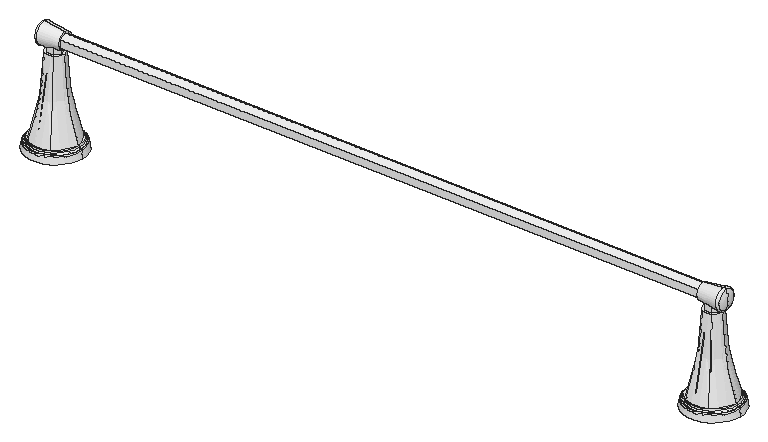
Revit family "Towel_Bar-DXV-Fitzgerald-D35160240_Series", category Specialty Equipment, host Face, Revit 2014
Parameters (values of type "D35160240.100")
  Width = 24"  # constant formula
  URL = "http://www.dxv.com"
  Type Comments = ""
  Product Page URL = "https://www.dxv.com/product/fitzgerald-24-inch-towel-bar"
  Product Documentation Link = "https://dxv01.blob.core.windows.net/dxv-product-pdf-files/spec_D35160240_DXV_Fitzgerald_24in_towelbar_EN.pdf"
  Price = "Prices may vary. Please consult Manufacturer Representative for most up-to-date price list."  # constant formula
  Model = "D35160240.100"
  Material = "Metal-DXV-100-Polished Chrome"
  Finish = Metal-DXV-100-Polished Chrome
  Manufacturer = "DXV"
  Length = 4"  # constant formula
  Installation Type = "Wall Mounted"
  Height = 2"  # constant formula
  Description = "Fitzgerald 24\" Towel Bar"
  Default Elevation = 40"  # constant formula
  Creation Date = "10/25/2018"  # constant formula
  Assembly Code = "E1090400"
Types (4): name | Model | Material | Finish
  (no name) | "D35160240.100" | "Metal-DXV-100-Polished Chrome" | Metal-DXV-100-Polished Chrome
  D35160240.100 | "D35160240.100" | "Metal-DXV-100-Polished Chrome" | Metal-DXV-100-Polished Chrome
  D35160240.144 | "D35160240.144" | "Metal-DXV-144-Brushed Nickel" | Metal-DXV-144-Brushed Nickel
  D35160240.150 | "D35160240.150" | "Metal-DXV-150-Platinum Nickel" | Metal-DXV-150-Platinum Nickel
Reference planes (in)
  plane 1 "Center (Front/Back)": y = 0
  plane 2: z = 0
  plane 3 "Center (Left/Right)": x = 0
  plane 4: y = 1
  plane 5: y = -1
  plane 6: z = 4
  plane 7: z = 3.625
  plane 8: x = -12
  plane 9: x = 12
  plane 10: x = 11
  plane 11: x = 13
  plane 12: x = -11
  plane 13: x = -13
Forms (in)
  Extrusion 1, solid, material "Metal-DXV-100-Polished Chrome" <- "Finish"
    sketch origin (0, 0, 0) x (0, 1, 0) y (0, 0, 1)
      loop
        line (0, 3.88981) -> (-0.22933, 3.75741) -> (-0.22933, 3.49259) -> (0, 3.36019) -> (0.22933, 3.49259) -> (0.22933, 3.75741) -> (0, 3.88981)
    from -11.64363 to 11.64363
  Revolve 2, solid, material "Metal-DXV-100-Polished Chrome" <- "Finish"
    sketch origin (3, 0, 0) x (1, 0, 0) y (0, 0, 1)
      loop
        line (9, 0) -> (10, 0) -> (9.95994, 0.2272)
        arc (9.95994, 0.2272) -> (9.95284, 0.24333) -> (9.9391, 0.25436) r 0.03707
        line (9.9391, 0.25436) -> (9.90162, 0.27183)
        arc (9.90162, 0.27183) -> (9.87732, 0.29134) -> (9.86477, 0.31986) r 0.06555
        line (9.86477, 0.31986) -> (9.85725, 0.36251) -> (9, 0.36251) -> (9, 0)
      axis (9, 0.36251) -> (9, 0)
    angle from 0 to 360
  Sweep 3, solid, material "Metal-DXV-100-Polished Chrome" <- "Finish"
    path origin (3, 0, 0) x (-1, 0, 0) y (0, 1, 0)
      loop
        arc (-9.84535, 0) -> (-9.68233, -0.39394) -> (-9.42267, -0.73209) r 1.62891
        arc (-9.42267, -0.73209) -> (-9, -0.78789) -> (-8.57733, -0.73209) r 1.62891
        arc (-8.57733, -0.73209) -> (-8.31767, -0.39394) -> (-8.15465, 0) r 1.62891
        arc (-8.15465, 0) -> (-8.31767, 0.39394) -> (-8.57733, 0.73209) r 1.62891
        arc (-8.57733, 0.73209) -> (-9, 0.78789) -> (-9.42267, 0.73209) r 1.62891
        arc (-9.42267, 0.73209) -> (-9.68229, 0.39392) -> (-9.84535, 0) r 1.63036
    profile origin (12, 0.78789, 0) x (0, -1, 0) y (0, 0, 1)
      loop
        line (0, 0.36251) -> (0.28451, 0.36251) -> (0.60073, 2.93784) -> (0.60073, 3.77025) -> (0.56581, 3.77025) -> (0.56581, 3.16869) -> (0.46102, 3.16869)
        arc (0.46102, 3.16869) -> (0.34427, 1.74691) -> (0, 0.36251) r 8.82597
  Revolve 4, solid, material "Metal-DXV-100-Polished Chrome" <- "Finish"
    sketch origin (3, 0, 0) x (1, 0, 0) y (0, 0, 1)
      loop
        line (8.64363, 3.625) -> (9.54067, 3.625)
        arc (9.54067, 3.625) -> (9.5244, 3.7904) -> (9.47529, 3.94919) r 0.82487
        arc (9.47529, 3.94919) -> (9.43934, 3.98987) -> (9.38613, 4.0007) r 0.08552
        line (9.38613, 4.0007) -> (8.64363, 3.90953) -> (8.64363, 3.625)
      loop
        line (-14.64363, 3.625) -> (-14.64363, 3.90953) -> (-15.38613, 4.0007)
        arc (-15.38613, 4.0007) -> (-15.43934, 3.98987) -> (-15.47529, 3.94919) r 0.08552
        arc (-15.47529, 3.94919) -> (-15.5244, 3.7904) -> (-15.54067, 3.625) r 0.82487
        line (-15.54067, 3.625) -> (-14.64363, 3.625)
      axis (-15.54067, 3.625) -> (9.54067, 3.625)
    angle from 0 to 360
  Revolve 5, solid, material "Metal-DXV-100-Polished Chrome" <- "Finish"
    sketch origin (-3, 0, 0) x (-1, 0, 0) y (0, 0, -1)
      loop
        line (9, 0) -> (9, -0.36251) -> (9.85725, -0.36251) -> (9.86477, -0.31986)
        arc (9.86477, -0.31986) -> (9.87732, -0.29134) -> (9.90162, -0.27183) r 0.06555
        line (9.90162, -0.27183) -> (9.9391, -0.25436)
        arc (9.9391, -0.25436) -> (9.95284, -0.24333) -> (9.95994, -0.2272) r 0.03707
        line (9.95994, -0.2272) -> (10, 0) -> (9, 0)
      axis (9, -0.36251) -> (9, 0)
    angle from 0 to 360
  Sweep 6, solid, material "Metal-DXV-100-Polished Chrome" <- "Finish"
    path origin (-3, 0, 0) x (1, 0, 0) y (0, 1, 0)
      loop
        arc (-9.84535, 0) -> (-9.68233, -0.39394) -> (-9.42267, -0.73209) r 1.62891
        arc (-9.42267, -0.73209) -> (-9, -0.78789) -> (-8.57733, -0.73209) r 1.62891
        arc (-8.57733, -0.73209) -> (-8.31767, -0.39394) -> (-8.15465, 0) r 1.62891
        arc (-8.15465, 0) -> (-8.31767, 0.39394) -> (-8.57733, 0.73209) r 1.62891
        arc (-8.57733, 0.73209) -> (-9, 0.78789) -> (-9.42267, 0.73209) r 1.62891
        arc (-9.42267, 0.73209) -> (-9.68229, 0.39392) -> (-9.84535, 0) r 1.63036
    profile origin (-12, 0.78789, 0) x (0, 1, 0) y (0, 0, 1)
      loop
        arc (0, 0.36251) -> (-0.34427, 1.74691) -> (-0.46102, 3.16869) r 8.82597
        line (-0.46102, 3.16869) -> (-0.56581, 3.16869) -> (-0.56581, 3.77025) -> (-0.60073, 3.77025) -> (-0.60073, 2.93784) -> (-0.28451, 0.36251) -> (0, 0.36251)
Cuts and joins
  joined: Extrusion 1, Revolve 2, Sweep 3, Revolve 4, Revolve 5, Sweep 6
Lines and regions (in)
  Masking region 1
    outline origin (0, 0, 0) x (1, 0, 0) y (0, 0, 1)
      loop
        line (11.64363, 3.87036) -> (-11.64363, 3.87036) -> (-11.64363, 3.90953) -> (-12.37818, 4.00074)
        arc (-12.37818, 4.00074) -> (-12.43465, 3.99024) -> (-12.47337, 3.94781) r 0.09033
        arc (-12.47337, 3.94781) -> (-12.5411, 3.61958) -> (-12.46736, 3.29265) r 0.79391
        arc (-12.46736, 3.29265) -> (-12.43386, 3.25694) -> (-12.38567, 3.2482) r 0.07808
        line (-12.38567, 3.2482) -> (-12.24694, 3.2677) -> (-12.24694, 3.16868) -> (-12.36101, 3.16868)
        arc (-12.36101, 3.16868) -> (-12.49196, 1.7464) -> (-12.84535, 0.36251) r 9.0375
        line (-12.84535, 0.36251) -> (-12.87819, 0.36251) -> (-12.88508, 0.32343)
        arc (-12.88508, 0.32343) -> (-12.89136, 0.30687) -> (-12.90326, 0.29376) r 0.04747
        line (-12.90326, 0.29376) -> (-12.93578, 0.26925)
        arc (-12.93578, 0.26925) -> (-12.95118, 0.25231) -> (-12.95929, 0.2309) r 0.06136
        line (-12.95929, 0.2309) -> (-13, 0) -> (-11, 0) -> (-11.04071, 0.2309)
        arc (-11.04071, 0.2309) -> (-11.04882, 0.25231) -> (-11.06422, 0.26925) r 0.06136
        line (-11.06422, 0.26925) -> (-11.09674, 0.29376)
        arc (-11.09674, 0.29376) -> (-11.10864, 0.30687) -> (-11.11492, 0.32343) r 0.04747
        line (-11.11492, 0.32343) -> (-11.12181, 0.36251) -> (-11.15465, 0.36251)
        arc (-11.15465, 0.36251) -> (-11.50804, 1.7464) -> (-11.63899, 3.16868) r 9.0375
        line (-11.63899, 3.16868) -> (-11.75306, 3.16868) -> (-11.75306, 3.32897) -> (-11.64363, 3.34047) -> (-11.64363, 3.37964) -> (11.64363, 3.37964) -> (11.64363, 3.34047) -> (11.75306, 3.32897) -> (11.75306, 3.16868) -> (11.63899, 3.16868)
        arc (11.63899, 3.16868) -> (11.50804, 1.7464) -> (11.15465, 0.36251) r 9.0375
        line (11.15465, 0.36251) -> (11.12181, 0.36251) -> (11.11492, 0.32343)
        arc (11.11492, 0.32343) -> (11.10864, 0.30687) -> (11.09674, 0.29376) r 0.04747
        line (11.09674, 0.29376) -> (11.06422, 0.26925)
        arc (11.06422, 0.26925) -> (11.04882, 0.25231) -> (11.04071, 0.2309) r 0.06136
        line (11.04071, 0.2309) -> (11, 0) -> (13, 0) -> (12.95929, 0.2309)
        arc (12.95929, 0.2309) -> (12.95118, 0.25231) -> (12.93578, 0.26925) r 0.06136
        line (12.93578, 0.26925) -> (12.90326, 0.29376)
        arc (12.90326, 0.29376) -> (12.89136, 0.30687) -> (12.88508, 0.32343) r 0.04747
        line (12.88508, 0.32343) -> (12.87819, 0.36251) -> (12.84535, 0.36251)
        arc (12.84535, 0.36251) -> (12.49196, 1.7464) -> (12.36101, 3.16868) r 9.0375
        line (12.36101, 3.16868) -> (12.24694, 3.16868) -> (12.24694, 3.2677) -> (12.38567, 3.2482)
        arc (12.38567, 3.2482) -> (12.43386, 3.25694) -> (12.46736, 3.29265) r 0.07808
        arc (12.46736, 3.29265) -> (12.5411, 3.61958) -> (12.47337, 3.94781) r 0.79391
        arc (12.47337, 3.94781) -> (12.43465, 3.99024) -> (12.37818, 4.00074) r 0.09033
        line (12.37818, 4.00074) -> (11.64363, 3.90953) -> (11.64363, 3.87036)
  symbolic lines, detail levels fine
    curve 1: line (11.64363, 0, 3.75741) -> (-11.64363, 0, 3.75741)
    curve 2: line (11.64363, 0, 3.49259) -> (-11.64363, 0, 3.49259)
    curve 5: line (11.64363, 0, 3.87036) -> (11.64363, 0, 3.36019)
    curve 6: line (12.84535, 0, 0.36251) -> (11.15465, 0, 0.36251)
    curve 7: arc (12.12403, 0, 3.16869) -> (12.24565, 0, 1.76265) -> (12.42267, 0, 0.36251) r 35.74955
    curve 8: arc (11.87597, 0, 3.16869) -> (11.75435, 0, 1.76265) -> (11.57733, 0, 0.36251) r 35.74955
    curve 11: line (-11.64363, 0, 3.87036) -> (-11.64363, 0, 3.36019)
    curve 12: arc (-12.12403, 0, 3.16869) -> (-12.24565, 0, 1.76265) -> (-12.42267, 0, 0.36251) r 35.74955
    curve 13: arc (-11.87597, 0, 3.16869) -> (-11.75435, 0, 1.76265) -> (-11.57733, 0, 0.36251) r 35.74955
    curve 14: line (-12.84535, 0, 0.36251) -> (-11.15465, 0, 0.36251)
  symbolic lines, detail levels medium+fine
    curve 3: line (12.24803, 0, 3.16869) -> (11.74803, 0, 3.16869)
    curve 4: line (12.24805, 0, 3.2662) -> (11.75306, 0, 3.32897)
    curve 9: line (-12.24803, 0, 3.16869) -> (-11.74803, 0, 3.16869)
    curve 10: line (-12.24805, 0, 3.2662) -> (-11.75306, 0, 3.32897)
Dimensions and locks (in)
  equal spacing: plane 4, plane 1 "Center (Front/Back)", plane 5
  "Height": plane 4 to plane 5
  "Length": level to plane 6
  locked: level to plane 7 at 3.625
  equal spacing: plane 9, plane 3 "Center (Left/Right)", plane 8
  plane 9 to plane 8 = 24"
  equal spacing: plane 11, plane 9, plane 10
  plane 11 to plane 10 = 2"
  equal spacing: plane 12, plane 8, plane 13
  locked: plane 12 to plane 13 at 2
  aligned and locked: plane 2 to host face
  aligned and locked: level to host face
Automatic sketch dimensions
  host sketch curve to host sketch curve = 96"  (x2)
  Extrusion 1 sketch curve to plane 1 "Center (Front/Back)" = 0"  (x2)
  plane 1 "Center (Front/Back)" to Extrusion 1 sketch curve = 0.22933"
  Extrusion 1 sketch curve to plane 1 "Center (Front/Back)" = 0.22933"
  Extrusion 1 sketch curve to plane 7 = 0.26481"
  Extrusion 1 sketch curve to plane 7 = 0.13241"  (x2)
  plane 7 to Extrusion 1 sketch curve = 0.13241"  (x2)
  Extrusion 1 sketch curve to plane 6 = 0.11019"
  Masking region 1 sketch curve to level = 0"  (x2)
  Masking region 1 sketch curve to plane 7 = 0.34147"  (x4)
  level to Masking region 1 sketch curve = 0.2309"  (x4)
  Masking region 1 sketch curve to Masking region 1 sketch curve = 0.04071"  (x4)
  level to Masking region 1 sketch curve = 0.26925"  (x4)
  Masking region 1 sketch curve to Masking region 1 sketch curve = 0.0235"  (x4)
  Masking region 1 sketch curve to Masking region 1 sketch curve = 0.00395"  (x2)
  level to Masking region 1 sketch curve = 0.29376"  (x4)
  Masking region 1 sketch curve to Masking region 1 sketch curve = 0.03252"  (x4)
  Masking region 1 sketch curve to Masking region 1 sketch curve = 0.03693"  (x2)
  level to Masking region 1 sketch curve = 0.32343"  (x4)
  Masking region 1 sketch curve to Masking region 1 sketch curve = 0.01818"  (x4)
  level to Masking region 1 sketch curve = 0.36251"  (x4)
  Masking region 1 sketch curve to Masking region 1 sketch curve = 0.00689"  (x4)
  Masking region 1 sketch curve to Masking region 1 sketch curve = 0.03284"  (x4)
  Masking region 1 sketch curve to plane 7 = 0.29948"
  Masking region 1 sketch curve to plane 6 = 0.08871"  (x2)
  Masking region 1 sketch curve to Masking region 1 sketch curve = 0.00579"
  Masking region 1 sketch curve to plane 7 = 0.3768"  (x2)
  Masking region 1 sketch curve to Masking region 1 sketch curve = 0.01087"  (x2)
  plane 6 to Masking region 1 sketch curve = 0.00074"  (x2)
  Masking region 1 sketch curve to Masking region 1 sketch curve = 0.01257"  (x2)
  Masking region 1 sketch curve to Masking region 1 sketch curve = 0.02466"  (x2)
  Masking region 1 sketch curve to Masking region 1 sketch curve = 0.13873"
  Masking region 1 sketch curve to plane 7 = 0.29603"
  Masking region 1 sketch curve to Masking region 1 sketch curve = 0.49389"  (x2)
  plane 7 to Masking region 1 sketch curve = 0.00187"  (x2)
  Masking region 1 sketch curve to Masking region 1 sketch curve = 0.00583"
  Masking region 1 sketch curve to plane 6 = 0.09047"  (x2)
  Masking region 1 sketch curve to Masking region 1 sketch curve = 0.1036"  (x2)
  Masking region 1 sketch curve to Masking region 1 sketch curve = 0.10943"
  Masking region 1 sketch curve to Masking region 1 sketch curve = 0.11407"  (x3)
  Masking region 1 sketch curve to Masking region 1 sketch curve = 0.01377"  (x2)
  Masking region 1 sketch curve to Masking region 1 sketch curve = 0.04675"
  Masking region 1 sketch curve to plane 3 "Center (Left/Right)" = 2.60222"
  plane 3 "Center (Left/Right)" to Masking region 1 sketch curve = 2.60222"
  Masking region 1 sketch curve to plane 7 = 0.45632"  (x2)
  Masking region 1 sketch curve to Masking region 1 sketch curve = 0.00464"  (x2)
  Masking region 1 sketch curve to plane 7 = 0.3573"
  Masking region 1 sketch curve to Masking region 1 sketch curve = 0.63095"
  Masking region 1 sketch curve to Masking region 1 sketch curve = 1.6907"  (x2)
  Masking region 1 sketch curve to Masking region 1 sketch curve = 0.02857"
  Masking region 1 sketch curve to Masking region 1 sketch curve = 8.46595"
  Masking region 1 sketch curve to Masking region 1 sketch curve = 0.09902"
  Masking region 1 sketch curve to Masking region 1 sketch curve = 0.07732"
  Masking region 1 sketch curve to Masking region 1 sketch curve = 0.16028"
  Masking region 1 sketch curve to Masking region 1 sketch curve = 0.0115"  (x2)
  Masking region 1 sketch curve to Masking region 1 sketch curve = 0.03917"  (x2)
  Masking region 1 sketch curve to Masking region 1 sketch curve = 0"  (x2)
  Revolve 2 sketch curve to level = 0"
  level to Revolve 2 sketch curve = 0.36251"
  Revolve 2 sketch curve to Revolve 2 sketch curve = 0.85725"
  level to Revolve 2 sketch curve = 0.31986"
  Revolve 2 sketch curve to Revolve 2 sketch curve = 0.00752"
  level to Revolve 2 sketch curve = 0.27183"
  Revolve 2 sketch curve to Revolve 2 sketch curve = 0.03685"
  Revolve 2 sketch curve to Revolve 2 sketch curve = 0.02182"
  Revolve 2 sketch curve to Revolve 2 sketch curve = 0.0277"
  level to Revolve 2 sketch curve = 0.25436"
  Revolve 2 sketch curve to Revolve 2 sketch curve = 0.01567"
  level to Revolve 2 sketch curve = 0.2272"
  Revolve 2 sketch curve to Revolve 2 sketch curve = 0.02084"
  Revolve 2 sketch curve to Revolve 2 sketch curve = 0.04006"
  Revolve 2 sketch curve to Revolve 2 sketch curve = 0"
  Revolve 2 sketch curve to Revolve 2 sketch curve = 0.38681"
  Revolve 2 sketch curve to Revolve 2 sketch curve = 0.17348"
  plane 1 "Center (Front/Back)" to Sweep 3 sketch curve = 0"  (x2)
  Sweep 3 sketch curve to plane 1 "Center (Front/Back)" = 0.42051"
  Sweep 3 sketch curve to Sweep 3 sketch curve = 0"
  plane 5 to Sweep 3 sketch curve = 0.15898"
  Sweep 3 sketch curve to Sweep 3 sketch curve = 0.72834"  (x3)
  plane 4 to Sweep 3 sketch curve = 0.15898"
  plane 1 "Center (Front/Back)" to Sweep 3 sketch curve = 0.42051"  (x2)
  Sweep 3 sketch curve to Sweep 3 sketch curve = 0.0013"
  Sweep 3 sketch curve to plane 1 "Center (Front/Back)" = 0.42126"
  Sweep 3 sketch curve to Sweep 3 sketch curve = 0.11701"
  plane 5 to Sweep 3 sketch curve = 0.26791"  (x2)
  plane 4 to Sweep 3 sketch curve = 0.26791"
  Sweep 3 sketch curve to profile plane = 0"
  profile plane to Sweep 3 sketch curve = 3.17773"
  profile plane to Sweep 3 sketch curve = 8.36494"
  Sweep 3 sketch curve to profile plane = 0.28451"
  Sweep 3 sketch curve to profile plane = 0.46102"
  Sweep 3 sketch curve to profile plane = 0.56581"
  Sweep 3 sketch curve to Sweep 3 sketch curve = 0.03492"
  profile plane to Sweep 3 sketch curve = 3.16869"
  Sweep 3 sketch curve to Sweep 3 sketch curve = 0.23085"
  Sweep 3 sketch curve to Sweep 3 sketch curve = 77/128"
  Revolve 4 sketch curve to plane 7 = 0"  (x3)
  Revolve 4 sketch curve to plane 6 = 0.08418"  (x2)
  Revolve 4 sketch curve to Revolve 4 sketch curve = 0.14411"  (x2)
  plane 6 to Revolve 4 sketch curve = 0.0007"  (x2)
  Revolve 4 sketch curve to Revolve 4 sketch curve = 0.01042"  (x2)
  plane 7 to Revolve 4 sketch curve = 0.00234"  (x2)
  Revolve 4 sketch curve to Revolve 4 sketch curve = 0.68075"
  Revolve 4 sketch curve to Revolve 4 sketch curve = 0.07217"  (x2)
  Revolve 4 sketch curve to Revolve 4 sketch curve = 0.7425"
  Revolve 4 sketch curve to plane 6 = 0.09047"  (x2)
  Revolve 4 sketch curve to Revolve 4 sketch curve = 0.28474"
  Revolve 4 sketch curve to Revolve 4 sketch curve = 0.03474"
  Revolve 5 sketch curve to level = 0"
  level to Revolve 5 sketch curve = 0.36251"
  Revolve 5 sketch curve to Revolve 5 sketch curve = 0.85725"
  level to Revolve 5 sketch curve = 0.31986"
  Revolve 5 sketch curve to Revolve 5 sketch curve = 0.00752"
  level to Revolve 5 sketch curve = 0.27183"
  Revolve 5 sketch curve to Revolve 5 sketch curve = 0.03685"
  Revolve 5 sketch curve to Revolve 5 sketch curve = 0.02182"
  Revolve 5 sketch curve to Revolve 5 sketch curve = 0.0277"
  level to Revolve 5 sketch curve = 0.25436"
  Revolve 5 sketch curve to Revolve 5 sketch curve = 0.01567"
  level to Revolve 5 sketch curve = 0.2272"
  Revolve 5 sketch curve to Revolve 5 sketch curve = 0.02084"
  Revolve 5 sketch curve to Revolve 5 sketch curve = 0.04006"
  Revolve 5 sketch curve to Revolve 5 sketch curve = 0"
  Revolve 5 sketch curve to Revolve 5 sketch curve = 0.38681"
  Revolve 5 sketch curve to Revolve 5 sketch curve = 0.17348"
  plane 1 "Center (Front/Back)" to Sweep 6 sketch curve = 0"  (x2)
  plane 1 "Center (Front/Back)" to Sweep 6 sketch curve = 0.42051"
  Sweep 6 sketch curve to plane 1 "Center (Front/Back)" = 0.42051"  (x2)
  Sweep 6 sketch curve to Sweep 6 sketch curve = 0"
  Sweep 6 sketch curve to plane 5 = 0.15898"
  Sweep 6 sketch curve to Sweep 6 sketch curve = 0.72834"  (x3)
  Sweep 6 sketch curve to plane 4 = 0.15898"
  plane 1 "Center (Front/Back)" to Sweep 6 sketch curve = 0.42126"
  Sweep 6 sketch curve to Sweep 6 sketch curve = 0.0013"
  Sweep 6 sketch curve to Sweep 6 sketch curve = 0.11701"
  Sweep 6 sketch curve to plane 5 = 0.26791"  (x2)
  Sweep 6 sketch curve to plane 4 = 0.26791"
  Sweep 6 sketch curve to profile plane = 0"
  profile plane to Sweep 6 sketch curve = 0.28451"
  profile plane to Sweep 6 sketch curve = 0.46102"
  profile plane to Sweep 6 sketch curve = 0.56581"
  Sweep 6 sketch curve to Sweep 6 sketch curve = 0.03492"
  profile plane to Sweep 6 sketch curve = 3.17773"
  Sweep 6 sketch curve to profile plane = 8.36494"
  profile plane to Sweep 6 sketch curve = 3.16869"
  Sweep 6 sketch curve to Sweep 6 sketch curve = 0.23085"
  Sweep 6 sketch curve to Sweep 6 sketch curve = 77/128"
  plane 6 to curve 12 = 1.54594"
  plane 6 to curve 8 = 1.54594"
  plane 6 to curve 13 = 1.54594"
  plane 6 to curve 7 = 1.54594"
  curve 13 to curve 7 = 24"
  level to curve 14 = 0.36251"
  curve 14 to curve 12 = 0.42267"
  curve 10 to plane 7 = 0.3588"
  curve 10 to curve 9 = 0"
  curve 9 to curve 12 = 0.124"
  curve 12 to curve 13 = 0.24805"
  curve 10 to plane 7 = 0.29603"
  curve 13 to curve 10 = 0.12292"
  curve 13 to curve 9 = 0.12794"
  curve 10 to curve 2 = 0.10943"
  curve 13 to curve 14 = 0.42267"
  level to curve 6 = 0.36251"
  curve 6 to curve 8 = 0.42267"
  curve 5 to plane 6 = 0.12964"
  curve 5 to curve 3 = 0.1044"
  curve 4 to plane 7 = 0.29603"
  curve 5 to curve 4 = 0.10943"
  curve 3 to curve 8 = 0.12794"
  curve 8 to curve 7 = 0.24805"
  curve 7 to curve 3 = 0.124"
  curve 4 to plane 7 = 0.3588"
  curve 3 to curve 4 = 0"
  curve 7 to curve 6 = 0.42267"
  curve 11 to plane 6 = 0.12964"
  curve 1 to curve 11 = 0.11296"
  curve 2 to plane 7 = 0.13241"
  curve 10 to curve 11 = 0.03122"
  curve 4 to curve 5 = 0.03122"
  plane 3 "Center (Left/Right)" to curve 13 = 23.79445"
  plane 3 "Center (Left/Right)" to curve 6 = 11.15465"
  curve 8 to curve 5 = 0.0663"
  Masking region 1 sketch curve to Masking region 1 sketch curve = 8.39778"  (x2)
  plane 3 "Center (Left/Right)" to Revolve 2 sketch curve = 12"
  Sweep 3 sketch curve to plane 3 "Center (Left/Right)" = 12.72834"
  plane 3 "Center (Left/Right)" to Revolve 4 sketch curve = 11.64363"
  curve 8 to plane 3 "Center (Left/Right)" = 23.79445"
  curve 12 to curve 8 = 24"
  curve 14 to plane 3 "Center (Left/Right)" = 11.15465"
  curve 11 to curve 13 = 0.0663"
  Masking region 1 sketch curve to Masking region 1 sketch curve = 8.93042"
  Revolve 4 sketch curve to plane 3 "Center (Left/Right)" = 11.64363"
  Revolve 5 sketch curve to plane 3 "Center (Left/Right)" = 12"
  Sweep 6 sketch curve to plane 3 "Center (Left/Right)" = 12.72834"
